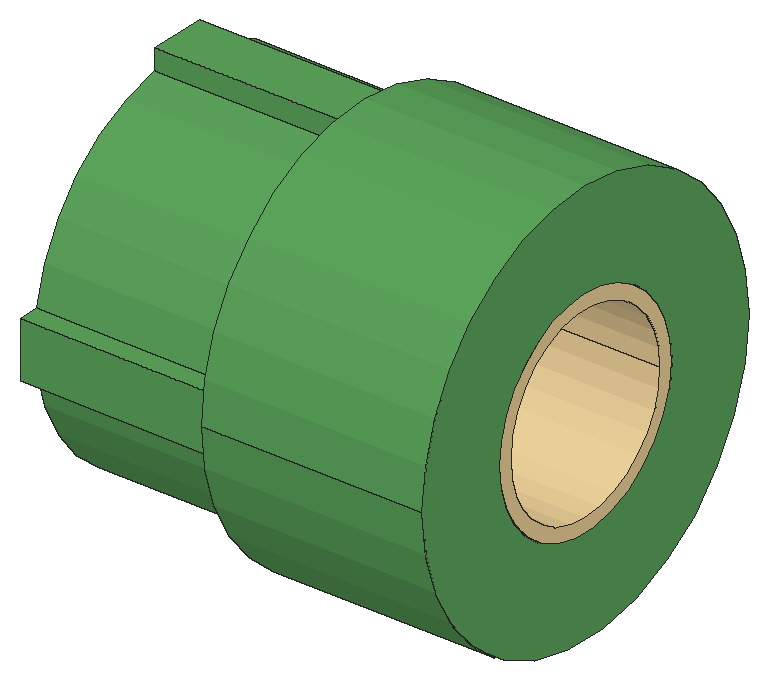
Revit family "Aquatherm_Переходник с внутренней резьбой", category Соединительные детали трубопроводов, Revit 2019
Family settings
  Размер круглого соединителя = Использовать диаметр
  Тип детали = Переход
  На основе рабочей плоскости = Нет
  Всегда вертикально = Да
  При загрузке вырезать с полостями = Нет
  Общий = Нет
Parameters (values of type "SDR 11")
  Нержавеющая сталь [instance] = not(Латунь)  # no
  Материал_Корпус_2 = AquaTherm латунь pipe
  Материал_Корпус = AquaTherm green pipe
  Латунь [instance] = yes
  z1 [instance] = 17 mm
  z [instance] = size_lookup("Переходник с внутренней резьбой", "z", 18 mm, d, R, lt)  # 25.5 mm
  n [instance] = l  # 30.5 mm
  m [instance] = z  # 25.5 mm
  lt [instance] = if(Латунь, 1 mm, 0 mm)  # 1 mm
  d1 [instance] = R - 3 mm  # 17 mm
  URL = "www.agpipe.ru"
  l [instance] = size_lookup("Переходник с внутренней резьбой", "l", 18 mm, d, R, lt)  # 30.5 mm
  d [instance] = 32 mm
  SDR = 11 mm
  R1 [instance] = R + 3 mm  # 23 mm
  R [instance] = 20 mm
  L [instance] = size_lookup("Переходник с внутренней резьбой", "L", 18 mm, d, R, lt)  # 43.5 mm
  D2 [instance] = D1 + 4 mm  # 42 mm
  D1 [instance] = d + 6 mm  # 38 mm
  D [instance] = size_lookup("Переходник с внутренней резьбой", "D", 18 mm, d, R, lt)  # 43.5 mm
  ADSK_Примечание = ""
  ADSK_Позиция [instance] = ""
  ADSK_Обозначение = ""
  ADSK_Наименование [instance] = size_lookup("Переходник с внутренней резьбой", "ADSK_Наименование", "Нет в каталоге", d, R, lt)  # "Переходник с внутренней резьбой DN32x3/4''"
  ADSK_Масса_Текст [instance] = size_lookup("Переходник с внутренней резьбой", "ADSK_Масса_Текст", "Нет в каталоге", d, R, lt)  # "0.092"
  ADSK_Код изделия [instance] = size_lookup("Переходник с внутренней резьбой", "ADSK_Код изделия", "Нет в каталоге", d, R, lt)  # "21013"
  ADSK_Завод-изготовитель = "Aquatherm"  # constant formula
  ADSK_Единица измерения = "шт."  # constant formula
  1 [instance] = 1 = 1  # yes
Types (5, lengths in mm): name | SDR
  (no name) | 11
  SDR 6 | 6
  SDR 7.4 | 7.4
  SDR 9 | 9
  SDR 11 | 11
Reference planes
  plane 1 "По центру (Вперед/Назад)": y = 0
  plane 2: z = 0
  plane 3 "По центру (Влево/Вправо)": x = 0
  plane 4: x = -21.75
  plane 5: x = 21.75
  plane 6: x = -3.75
  plane 7: x = 8.75
Forms (mm)
  Extrusion 1, solid, material "AquaTherm green pipe" <- "Материал_Корпус", visible <- "1"
    sketch origin (0, 0, 0) x (0, 1, 0) y (0, 0, 1)
      loop
        circle (0, 0) r 19
    from -21.75 to -1.8
  Extrusion 2, solid, material "AquaTherm green pipe" <- "Материал_Корпус", visible <- "1"
    sketch origin (0, 0, 0) x (0, 1, 0) y (0, 0, 1)
      loop
        circle (0, 0) r 21.75
    from -1.8 to 21.75
  Extrusion 3, solid, material "AquaTherm green pipe" <- "Материал_Корпус", visible <- "1"
    sketch origin (0, 0, 0) x (0, 1, 0) y (0, 0, 1)
      loop
        line (3, -21) -> (3, 21) -> (-3, 21) -> (-3, -21) -> (3, -21)
    from -21.75 to -1.8
  Extrusion 4, solid, material "AquaTherm green pipe" <- "Материал_Корпус", visible <- "1"
    sketch origin (0, 0, 0) x (0, 1, 0) y (0, 0, 1)
      loop
        line (-21, -3) -> (21, -3) -> (21, 3) -> (-21, 3) -> (-21, -3)
    from -21.75 to -1.8
  Extrusion 5, void
    sketch origin (0, 0, 0) x (0, 1, 0) y (0, 0, 1)
      loop
        circle (0, 0) r 11.5
    from 8.75 to 21.75
  Extrusion 6, void
    sketch origin (0, 0, 0) x (0, 1, 0) y (0, 0, 1)
      loop
        circle (0, 0) r 16
    from -21.75 to -3.75
  Extrusion 7, void
    sketch origin (0, 0, 0) x (0, 1, 0) y (0, 0, 1)
      loop
        circle (0, 0) r 8.5
    from -3.75 to 8.75
  Extrusion 8, solid, material "AquaTherm латунь pipe" <- "Материал_Корпус_2"
    sketch origin (0, 0, 0) x (0, 1, 0) y (0, 0, 1)
      loop
        circle (0, 0) r 11.5
      loop
        circle (0, 0) r 10
    from 8.75 to 21.75
Cuts and joins
  Extrusion 6, Extrusion 7 cuts Extrusion 1
  Extrusion 6, Extrusion 7 cuts Extrusion 3
  Extrusion 6, Extrusion 7 cuts Extrusion 4
  joined: Extrusion 1, Extrusion 3, Extrusion 4
  Extrusion 5, Extrusion 6, Extrusion 7 cuts Extrusion 2
Lines and regions (mm)
  reference lines
    curve 1: line (-3.75, 0, 0) -> (8.75, 0, 0)
Dimensions and locks
  equal spacing: plane 4, plane 3 "По центру (Влево/Вправо)", plane 5
  "L": plane 4 to plane 5
  "m": plane 6 to plane 5
  "n": plane 4 to plane 7
  locked: plane 6 to Extrusion 1 at 1.95
  equal spacing: Extrusion 3 sketch curve, level, Extrusion 3 sketch curve
  "D2": Extrusion 3 sketch curve to Extrusion 3 sketch curve
  equal spacing: Extrusion 4 sketch curve, plane 1 "По центру (Вперед/Назад)", Extrusion 4 sketch curve
  "D2": Extrusion 4 sketch curve to Extrusion 4 sketch curve
  "D1": diameter of Extrusion 1 sketch curve
  "D": diameter of Extrusion 2 sketch curve
  "R1": diameter of Extrusion 5 sketch curve
  "d": diameter of Extrusion 6 sketch curve
  "d1": diameter of Extrusion 7 sketch curve
  "R": diameter of Extrusion 8 sketch curve
  "R1": diameter of Extrusion 8 sketch curve
  aligned and locked: level to plane 2
  aligned and locked: plane 5 to Extrusion 2
  aligned and locked: Extrusion 1 to plane 4
  aligned and locked: Extrusion 2 to Extrusion 1
  aligned and locked: Extrusion 4 to plane 4
  aligned and locked: Extrusion 3 to plane 4
  aligned and locked: Extrusion 1 to Extrusion 3
  aligned and locked: Extrusion 4 to Extrusion 1
  aligned and locked: plane 5 to Extrusion 5
  aligned and locked: Extrusion 5 to plane 7
  aligned and locked: Extrusion 6 to plane 4
  aligned and locked: plane 6 to Extrusion 6
  aligned and locked: Extrusion 7 to plane 6
  aligned and locked: plane 7 to Extrusion 7
  aligned and locked: plane 6 to curve 1
  aligned and locked: plane 7 to curve 1
  aligned and locked: Extrusion 8 to plane 7
  aligned and locked: plane 5 to Extrusion 8
Automatic sketch dimensions
  plane 1 "По центру (Вперед/Назад)" to curve 1 = 0 mm
  Extrusion 1 sketch curve to level = 0 mm
  Extrusion 1 sketch curve to plane 1 "По центру (Вперед/Назад)" = 0 mm
  Extrusion 2 sketch curve to level = 0 mm
  Extrusion 2 sketch curve to plane 1 "По центру (Вперед/Назад)" = 0 mm
  plane 1 "По центру (Вперед/Назад)" to Extrusion 3 sketch curve = 3 mm
  Extrusion 3 sketch curve to plane 1 "По центру (Вперед/Назад)" = 3 mm
  Extrusion 4 sketch curve to level = 3 mm
  level to Extrusion 4 sketch curve = 3 mm
  Extrusion 5 sketch curve to level = 0 mm
  Extrusion 5 sketch curve to plane 1 "По центру (Вперед/Назад)" = 0 mm
  Extrusion 6 sketch curve to level = 0 mm
  Extrusion 6 sketch curve to plane 1 "По центру (Вперед/Назад)" = 0 mm
  Extrusion 7 sketch curve to level = 0 mm
  Extrusion 7 sketch curve to plane 1 "По центру (Вперед/Назад)" = 0 mm
  Extrusion 8 sketch curve to Extrusion 8 sketch curve = 0 mm  (x2)
  Extrusion 8 sketch curve to level = 0 mm
  Extrusion 8 sketch curve to plane 1 "По центру (Вперед/Назад)" = 0 mm
Connectors
  piping at (-3.75, 0, 0), diameter 32, driven by "d"
    settings: on curve 1, index 1, connector inside diameter 609.6 mm, connector length 0 mm, flow factor 0, pipe flow 0.0 L/s, pressure drop 0.0 Pa, fitting loss kfactor 0, connector angle 0.00°, fixture units 0, engagement length 0 mm, angle of deflection 0.00°, flow configuration 0, flow direction 0, fitting loss method 0, system type 28, joint type 0, gender type 0, connector reference index 2, connector utility 0, adjustable connector no, is connector primary yes, connector description ""
  piping at (8.75, 0, 0), diameter 20, driven by "R"
    settings: on curve 1, index 2, connector inside diameter 609.6 mm, connector length 0 mm, flow factor 0, pipe flow 0.0 L/s, pressure drop 0.0 Pa, fitting loss kfactor 0, connector angle 0.00°, fixture units 0, engagement length 0 mm, angle of deflection 0.00°, flow configuration 0, flow direction 0, fitting loss method 0, system type 28, joint type 0, gender type 0, connector reference index 1, connector utility 0, adjustable connector no, is connector primary no, connector description ""
